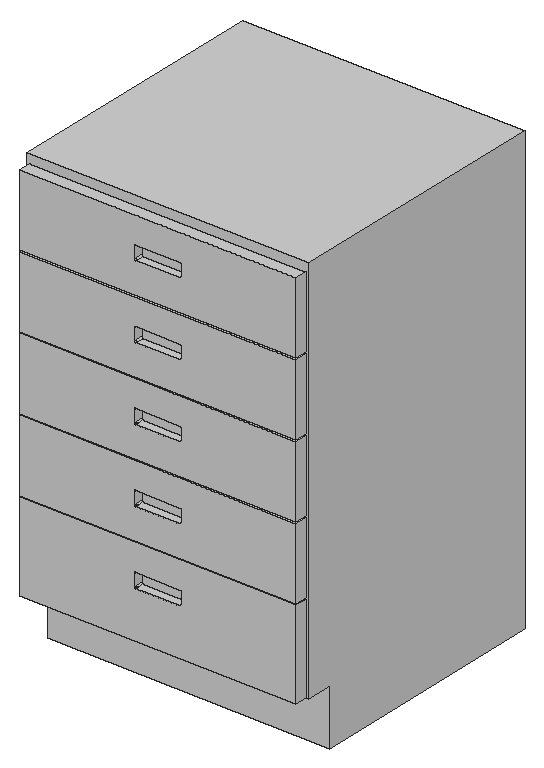
Revit family "WC33", category Specialty Equipment, Revit 2012
Parameters (values of type "Work Counter Unit w/ 5 Drawers (Default)")
  URL = "http://madixinc.com/store/pharmacy/counters.html"
  Model = "Work Counter"
  Manufacturer = "© 2012 Madix, Inc. All rights reserved."
Reference planes (in)
  plane 1 "Center (Front/Back)": y = 0
  plane 2: z = 0
  plane 3 "Center (Left/Right)": x = 0
  plane 4: x = -12
  plane 5: x = 12
  plane 6: y = 12
  plane 7: y = -12
  plane 8: z = 38
  plane 9: y = -11.25
  plane 10: z = 29
  plane 11: z = 22.75
  plane 12: z = 16.5
  plane 13: z = 10.25
  plane 14: y = -11.875
  plane 15: x = 11.75
  plane 16: x = -11.75
Forms (in)
  Extrusion 1, solid, material "Metal - Steel"
    sketch origin (0, 0, 0) x (0, -1, 0) y (0, 0, -1)
      loop
        line (-12, 0) -> (-12, -38) -> (11, -38) -> (11, -4.75) -> (8.75, -4.75) -> (8.75, 0) -> (-12, 0)
    from -12 to 12
  Extrusion 2, solid, material "Metal - Steel"
    sketch origin (0, 0, 0) x (0, 1, 0) y (0, 0, 1)
      loop
        line (-11, 18.5) -> (-11.25, 18.5) -> (-11.25, 12.375) -> (-11, 12.375) -> (-11, 18.5)
      loop
        line (-11, 24.75) -> (-11.25, 24.75) -> (-11.25, 18.625) -> (-11, 18.625) -> (-11, 24.75)
      loop
        line (-11, 31) -> (-11.25, 31) -> (-11.25, 24.875) -> (-11, 24.875) -> (-11, 31)
      loop
        line (-11, 37.25) -> (-11.25, 37.25) -> (-11.25, 31.125) -> (-11, 31.125) -> (-11, 37.25)
      loop
        line (-11, 12.25) -> (-11.25, 12.25) -> (-11.25, 4.75) -> (-11, 4.75) -> (-11, 12.25)
    from -11.75 to 11.75
  Extrusion 3, solid, material "Metal - Steel"
    sketch origin (0, 0, 0) x (1, 0, 0) y (0, 0, 1)
      loop
        line (-11.75, 37.25) -> (-11.75, 31.125) -> (11.75, 31.125) -> (11.75, 37.25) -> (-11.75, 37.25)
      loop
        line (-11.75, 31) -> (-11.75, 24.875) -> (11.75, 24.875) -> (11.75, 31) -> (-11.75, 31)
      loop
        line (11.75, 24.75) -> (-11.75, 24.75) -> (-11.75, 18.625) -> (11.75, 18.625) -> (11.75, 24.75)
      loop
        line (-11.75, 18.5) -> (-11.75, 12.375) -> (11.75, 12.375) -> (11.75, 18.5) -> (-11.75, 18.5)
      loop
        line (-11.75, 12.25) -> (-11.75, 4.75) -> (11.75, 4.75) -> (11.75, 12.25) -> (-11.75, 12.25)
      loop
        line (-2, 35.125) -> (-2, 34.5) -> (-2, 33.875)
        arc (-2, 33.875) -> (-1.96339, 33.78661) -> (-1.875, 33.75) r 0.125
        line (-1.875, 33.75) -> (0, 33.75) -> (1.875, 33.75)
        arc (1.875, 33.75) -> (1.96339, 33.78661) -> (2, 33.875) r 0.125
        line (2, 33.875) -> (2, 34.5) -> (2, 35.125)
        arc (2, 35.125) -> (1.96339, 35.21339) -> (1.875, 35.25) r 0.125
        line (1.875, 35.25) -> (0, 35.25) -> (-1.875, 35.25)
        arc (-1.875, 35.25) -> (-1.96339, 35.21339) -> (-2, 35.125) r 0.125
      loop
        line (-2, 28.875) -> (-2, 28.25) -> (-2, 27.625)
        arc (-2, 27.625) -> (-1.96339, 27.53661) -> (-1.875, 27.5) r 0.125
        line (-1.875, 27.5) -> (0, 27.5) -> (1.875, 27.5)
        arc (1.875, 27.5) -> (1.96339, 27.53661) -> (2, 27.625) r 0.125
        line (2, 27.625) -> (2, 28.25) -> (2, 28.875)
        arc (2, 28.875) -> (1.96339, 28.96339) -> (1.875, 29) r 0.125
        line (1.875, 29) -> (0, 29) -> (-1.875, 29)
        arc (-1.875, 29) -> (-1.96339, 28.96339) -> (-2, 28.875) r 0.125
      loop
        line (-2, 22.625) -> (-2, 22) -> (-2, 21.375)
        arc (-2, 21.375) -> (-1.96339, 21.28661) -> (-1.875, 21.25) r 0.125
        line (-1.875, 21.25) -> (0, 21.25) -> (1.875, 21.25)
        arc (1.875, 21.25) -> (1.96339, 21.28661) -> (2, 21.375) r 0.125
        line (2, 21.375) -> (2, 22) -> (2, 22.625)
        arc (2, 22.625) -> (1.96339, 22.71339) -> (1.875, 22.75) r 0.125
        line (1.875, 22.75) -> (0, 22.75) -> (-1.875, 22.75)
        arc (-1.875, 22.75) -> (-1.96339, 22.71339) -> (-2, 22.625) r 0.125
      loop
        line (-2, 16.375) -> (-2, 15.75) -> (-2, 15.125)
        arc (-2, 15.125) -> (-1.96339, 15.03661) -> (-1.875, 15) r 0.125
        line (-1.875, 15) -> (0, 15) -> (1.875, 15)
        arc (1.875, 15) -> (1.96339, 15.03661) -> (2, 15.125) r 0.125
        line (2, 15.125) -> (2, 15.75) -> (2, 16.375)
        arc (2, 16.375) -> (1.96339, 16.46339) -> (1.875, 16.5) r 0.125
        line (1.875, 16.5) -> (0, 16.5) -> (-1.875, 16.5)
        arc (-1.875, 16.5) -> (-1.96339, 16.46339) -> (-2, 16.375) r 0.125
      loop
        line (-2, 10.125) -> (-2, 9.5) -> (-2, 8.875)
        arc (-2, 8.875) -> (-1.96339, 8.78661) -> (-1.875, 8.75) r 0.125
        line (-1.875, 8.75) -> (0, 8.75) -> (1.875, 8.75)
        arc (1.875, 8.75) -> (1.96339, 8.78661) -> (2, 8.875) r 0.125
        line (2, 8.875) -> (2, 9.5) -> (2, 10.125)
        arc (2, 10.125) -> (1.96339, 10.21339) -> (1.875, 10.25) r 0.125
        line (1.875, 10.25) -> (0, 10.25) -> (-1.875, 10.25)
        arc (-1.875, 10.25) -> (-1.96339, 10.21339) -> (-2, 10.125) r 0.125
    from 11.25 to 11.875
  Extrusion 4, solid, material "Metal - Steel"
    sketch origin (0, 0, 0) x (1, 0, 0) y (0, 0, 1)
      loop
        line (-11.75, 37.25) -> (-11.75, 31.125) -> (11.75, 31.125) -> (11.75, 37.25) -> (-11.75, 37.25)
      loop
        line (11.75, 31) -> (-11.75, 31) -> (-11.75, 24.875) -> (11.75, 24.875) -> (11.75, 31)
      loop
        line (-11.75, 24.75) -> (-11.75, 18.625) -> (11.75, 18.625) -> (11.75, 24.75) -> (-11.75, 24.75)
      loop
        line (11.75, 18.5) -> (-11.75, 18.5) -> (-11.75, 12.375) -> (11.75, 12.375) -> (11.75, 18.5)
      loop
        line (-11.75, 12.25) -> (-11.75, 4.75) -> (11.75, 4.75) -> (11.75, 12.25) -> (-11.75, 12.25)
      loop
        arc (-1.875, 35) -> (-1.96339, 34.96339) -> (-2, 34.875) r 0.125
        line (-2, 34.875) -> (-2, 33.875)
        arc (-2, 33.875) -> (-1.96339, 33.78661) -> (-1.875, 33.75) r 0.125
        line (-1.875, 33.75) -> (1.875, 33.75)
        arc (1.875, 33.75) -> (1.96339, 33.78661) -> (2, 33.875) r 0.125
        line (2, 33.875) -> (2, 34.875)
        arc (2, 34.875) -> (1.96339, 34.96339) -> (1.875, 35) r 0.125
        line (1.875, 35) -> (-1.875, 35)
      loop
        arc (-1.875, 28.75) -> (-1.96339, 28.71339) -> (-2, 28.625) r 0.125
        line (-2, 28.625) -> (-2, 27.625)
        arc (-2, 27.625) -> (-1.96339, 27.53661) -> (-1.875, 27.5) r 0.125
        line (-1.875, 27.5) -> (1.875, 27.5)
        arc (1.875, 27.5) -> (1.96339, 27.53661) -> (2, 27.625) r 0.125
        line (2, 27.625) -> (2, 28.625)
        arc (2, 28.625) -> (1.96339, 28.71339) -> (1.875, 28.75) r 0.125
        line (1.875, 28.75) -> (-1.875, 28.75)
      loop
        arc (-1.875, 22.5) -> (-1.96339, 22.46339) -> (-2, 22.375) r 0.125
        line (-2, 22.375) -> (-2, 21.375)
        arc (-2, 21.375) -> (-1.96339, 21.28661) -> (-1.875, 21.25) r 0.125
        line (-1.875, 21.25) -> (1.875, 21.25)
        arc (1.875, 21.25) -> (1.96339, 21.28661) -> (2, 21.375) r 0.125
        line (2, 21.375) -> (2, 22.375)
        arc (2, 22.375) -> (1.96339, 22.46339) -> (1.875, 22.5) r 0.125
        line (1.875, 22.5) -> (-1.875, 22.5)
      loop
        arc (-1.875, 16.25) -> (-1.96339, 16.21339) -> (-2, 16.125) r 0.125
        line (-2, 16.125) -> (-2, 15.125)
        arc (-2, 15.125) -> (-1.96339, 15.03661) -> (-1.875, 15) r 0.125
        line (-1.875, 15) -> (1.875, 15)
        arc (1.875, 15) -> (1.96339, 15.03661) -> (2, 15.125) r 0.125
        line (2, 15.125) -> (2, 16.125)
        arc (2, 16.125) -> (1.96339, 16.21339) -> (1.875, 16.25) r 0.125
        line (1.875, 16.25) -> (-1.875, 16.25)
      loop
        arc (-1.875, 10) -> (-1.96339, 9.96339) -> (-2, 9.875) r 0.125
        line (-2, 9.875) -> (-2, 8.875)
        arc (-2, 8.875) -> (-1.96339, 8.78661) -> (-1.875, 8.75) r 0.125
        line (-1.875, 8.75) -> (1.875, 8.75)
        arc (1.875, 8.75) -> (1.96339, 8.78661) -> (2, 8.875) r 0.125
        line (2, 8.875) -> (2, 9.875)
        arc (2, 9.875) -> (1.96339, 9.96339) -> (1.875, 10) r 0.125
        line (1.875, 10) -> (-1.875, 10)
    from 11.875 to 12
Cuts and joins
  joined: Extrusion 2, Extrusion 3, Extrusion 4
Dimensions and locks (in)
  aligned and locked: level to plane 2
  aligned and locked: Extrusion 3 to Extrusion 2  (x6)
  aligned and locked: Extrusion 4 to Extrusion 3
  aligned and locked: plane 15 to Extrusion 3
  aligned and locked: Extrusion 4 to Extrusion 2  (x5)
  aligned and locked: Extrusion 3 to Extrusion 4
  aligned and locked: Extrusion 2 to Extrusion 3  (x5)
  aligned and locked: Extrusion 2 to Extrusion 4  (x4)
